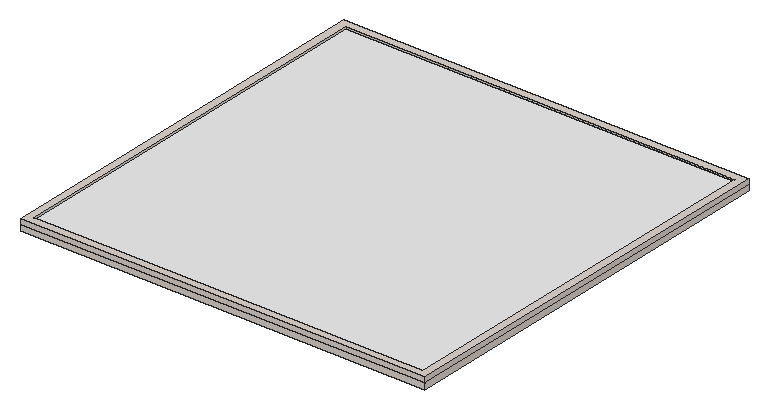
Revit family "SKY LED FLAT PANEL", category Lighting Fixtures, host Face, Revit 2020 (continued)
Types (13): name | Wattage | WATTS | built-in parameter 1150134 | Replaces/Equiv.(MH) | Photometric Web File | Order number | built-in parameter 1150142 | Model | built-in parameter 1150105 | Lumens | built-in parameter 1150107 | built-in parameter 1150106 | Fixture Width | Fixture Length | Default Elevation | Apparent Load
    1271.60  \r\n 1269.55  1267.29  1263.45  1261.00  1256.58  1250.15  1244.19  1238.70  1231.27  1223.49  \r\n 1214.83  1206.78  1197.39  1189.31  1180.14  1169.02  1157.59  1147.81  1134.24  1121.23  \r\n 1109.11  1097.96  1084.25  1069.07  1055.27  1041.49  1027.33  1011.14  995.27   980.28   \r\n 963.34   947.33   930.93   913.42   896.75   879.38   860.42   842.78   824.76   806.37   \r\n 787.76   768.70   748.94   729.37   710.72   690.14   669.43   648.85   628.69   608.52   \r\n 587.47   566.01   545.11   524.02   503.14   480.42   459.73   436.93   416.40   393.86   \r\n 372.49   350.64   329.48   307.99   286.47   265.48   243.96   224.32   203.67   184.04   \r\n 164.80   145.96   127.12   108.71   91.38    74.56    58.66    43.40    29.40    15.82    \r\n 4.59     1.03     1.09     1.17     1.25     1.32     1.39     1.47     1.54     1.62     \r\n 1.69     1.77     1.83     1.90     1.96     2.03     2.08     2.14     2.19     2.24     \r\n 2.28     2.32     2.37     2.39     2.43     2.46     2.48     2.51     2.53     2.55     \r\n 2.57     2.58     2.59     2.61     2.61     2.62     2.63     2.63     2.64     2.64     \r\n 2.64     2.65     2.65     2.65     2.65     2.65     2.65     2.65     2.65     2.65     \r\n 2.65     2.63     2.62     2.62     2.61     2.61     2.62     2.62     2.63     2.63     \r\n 2.64     2.65     2.65     2.67     2.69     2.70     2.72     2.73     2.75     2.77     \r\n 2.79     2.81     2.83     2.85     2.88     2.89     2.91     2.93     2.94     2.96     \r\n 2.98     3.00     3.01     3.03     3.04     3.06     3.07     3.08     3.10     3.10     \r\n 3.11     \r\n1275.29  1277.94  1277.97  1278.03  1279.65  1277.22  1277.45  1275.87  1275.29  1271.33  \r\n 1269.54  1267.76  1263.37  1258.03  1254.58  1249.26  1243.73  1237.11  1228.98  1223.25  \r\n 1214.31  1205.71  1197.29  1188.54  1175.65  1166.34  1155.23  1143.40  1132.00  1119.34  \r\n 1106.51  1093.30  1081.10  1065.20  1051.04  1037.36  1023.51  1007.37  992.25   976.54   \r\n 958.65   944.27   926.75   910.42   893.76   875.54   858.05   840.65   821.78   803.08   \r\n 784.69   765.26   746.87   727.36   707.43   687.69   667.53   646.80   627.33   606.35   \r\n 585.65   564.70   543.04   521.65   501.35   479.17   458.03   435.92   414.50   393.26   \r\n 371.28   349.47   328.22   307.17   285.24   264.69   243.99   223.55   203.20   183.36   \r\n 163.90   144.96   126.47   108.44   90.88    74.47    58.66    43.95    29.78    16.60    \r\n 4.81     1.03     1.08     1.16     1.24     1.32     1.40     1.48     1.55     1.63     \r\n 1.69     1.76     1.84     1.90     1.97     2.03     2.09     2.15     2.19     2.24     \r\n 2.30     2.34     2.38     2.42     2.46     2.49     2.52     2.55     2.57     2.60     \r\n 2.62     2.63     2.65     2.66     2.67     2.68     2.68     2.70     2.70     2.71     \r\n 2.71     2.72     2.72     2.73     2.72     2.72     2.70     2.68     2.67     2.67     \r\n 2.68     2.69     2.70     2.71     2.71     2.70     2.69     2.69     2.69     2.69     \r\n 2.70     2.70     2.70     2.71     2.71     2.72     2.74     2.74     2.76     2.77     \r\n 2.79     2.81     2.83     2.84     2.86     2.88     2.90     2.91     2.93     2.95     \r\n 2.97     2.99     3.00     3.02     3.04     3.05     3.07     3.08     3.10     3.10     \r\n 3.11     \r\n1275.29  1276.07  1275.99  1276.33  1276.52  1278.01  1276.33  1276.41  1274.01  1271.41  \r\n 1269.38  1265.09  1261.37  1257.67  1252.08  1245.05  1240.24  1233.34  1225.42  1218.26  \r\n 1210.73  1202.11  1192.32  1181.79  1171.32  1161.44  1151.17  1139.02  1128.13  1116.14  \r\n 1102.80  1090.55  1076.56  1064.02  1049.92  1034.20  1020.36  1005.05  990.94   973.92   \r\n 959.62   943.55   926.47   909.75   892.56   876.11   857.96   840.02   821.31   803.72   \r\n 783.94   765.81   747.54   726.33   708.52   687.64   668.16   648.18   627.78   606.72   \r\n 585.89   565.11   544.43   523.71   502.91   479.69   459.53   437.21   416.11   394.29   \r\n 373.42   351.55   330.35   308.71   287.41   266.87   245.41   225.95   205.48   185.66   \r\n 166.34   147.51   128.69   110.52   93.23    76.40    60.54    45.19    31.25    17.80    \r\n 6.11     1.04     1.09     1.17     1.24     1.32     1.40     1.47     1.54     1.61     \r\n 1.68     1.75     1.82     1.89     1.95     2.02     2.07     2.13     2.18     2.23     \r\n 2.28     2.32     2.36     2.40     2.44     2.48     2.52     2.55     2.58     2.61     \r\n 2.63     2.65     2.67     2.69     2.70     2.71     2.73     2.74     2.74     2.75     \r\n 2.76     2.77     2.78     2.79     2.80     2.80     2.81     2.81     2.82     2.83     \r\n 2.84     2.85     2.86     2.87     2.87     2.88     2.87     2.87     2.86     2.85     \r\n 2.85     2.85     2.85     2.85     2.86     2.86     2.86     2.87     2.87     2.88     \r\n 2.88     2.89     2.90     2.91     2.92     2.93     2.94     2.95     2.96     2.97     \r\n 2.98     2.99     3.00     3.01     3.02     3.03     3.04     3.05     3.06     3.07     \r\n 3.11     \r\n1275.29  1275.28  1276.63  1275.23  1275.77  1274.92  1273.88  1271.01  1270.05  1266.46  \r\n 1263.62  1258.81  1257.60  1249.92  1247.28  1239.68  1235.36  1225.92  1220.65  1212.99  \r\n 1203.46  1195.61  1185.02  1174.82  1164.51  1154.75  1144.36  1131.16  1120.16  1108.41  \r\n 1096.78  1082.60  1071.34  1056.78  1043.64  1028.48  1015.14  1000.09  984.17   968.01   \r\n 952.74   937.91   920.70   903.98   887.48   869.99   853.18   836.18   816.29   798.35   \r\n 779.93   760.42   743.21   722.64   703.74   683.23   663.43   643.33   623.20   602.79   \r\n 582.05   560.90   541.05   518.72   498.52   477.30   454.83   433.65   412.29   390.70   \r\n 369.27   348.09   326.63   305.77   284.20   263.65   242.69   222.69   202.39   183.08   \r\n 163.43   144.71   126.26   108.51   90.77    74.31    58.46    43.67    29.41    15.87    \r\n 5.26     1.05     1.10     1.18     1.26     1.34     1.41     1.49     1.55     1.63     \r\n 1.69     1.76     1.83     1.90     1.96     2.03     2.09     2.14     2.20     2.25     \r\n 2.30     2.34     2.39     2.43     2.47     2.50     2.54     2.56     2.60     2.63     \r\n 2.65     2.68     2.70     2.72     2.74     2.75     2.77     2.78     2.80     2.81     \r\n 2.83     2.84     2.86     2.87     2.88     2.90     2.91     2.92     2.93     2.94     \r\n 2.96     2.97     2.98     2.99     3.00     3.01     3.01     3.02     3.02     3.02     \r\n 3.02     3.02     3.01     3.01     3.01     3.01     3.01     3.01     3.01     3.01     \r\n 3.02     3.02     3.02     3.02     3.02     3.03     3.03     3.03     3.03     3.03     \r\n 3.04     3.04     3.04     3.04     3.04     3.04     3.05     3.05     3.06     3.06     \r\n 3.11     \r\n1275.29  1274.60  1276.07  1275.59  1273.99  1271.64  1271.97  1269.83  1265.95  1265.31  \r\n 1260.83  1256.13  1253.86  1247.67  1243.47  1237.07  1231.13  1223.44  1216.76  1208.30  \r\n 1200.92  1192.88  1181.88  1172.87  1163.10  1151.63  1141.93  1129.49  1117.41  1107.03  \r\n 1094.06  1081.63  1068.25  1055.43  1042.12  1026.84  1012.60  999.51   982.51   968.31   \r\n 952.49   937.17   919.63   904.10   887.11   869.93   852.74   835.57   817.72   800.10   \r\n 780.95   762.82   743.67   723.62   705.10   685.24   665.25   645.38   625.50   603.88   \r\n 584.45   562.84   542.11   522.07   500.76   478.92   457.98   436.08   415.27   393.32   \r\n 371.81   350.51   329.57   308.39   287.12   266.75   245.68   225.40   205.54   185.51   \r\n 166.56   147.90   129.26   110.96   93.78    76.88    60.96    45.48    31.27    17.55    \r\n 6.59     1.15     1.08     1.17     1.25     1.33     1.41     1.47     1.54     1.61     \r\n 1.67     1.74     1.81     1.88     1.94     2.01     2.08     2.14     2.20     2.25     \r\n 2.31     2.36     2.41     2.45     2.49     2.53     2.57     2.60     2.63     2.66     \r\n 2.69     2.71     2.74     2.76     2.78     2.80     2.82     2.84     2.86     2.88     \r\n 2.90     2.91     2.93     2.95     2.96     2.99     3.01     3.03     3.04     3.06     \r\n 3.08     3.11     3.12     3.14     3.15     3.16     3.17     3.17     3.18     3.19     \r\n 3.19     3.20     3.20     3.20     3.19     3.19     3.18     3.18     3.17     3.17     \r\n 3.17     3.16     3.16     3.15     3.15     3.14     3.14     3.14     3.14     3.13     \r\n 3.13     3.14     3.13     3.13     3.12     3.12     3.12     3.12     3.12     3.11     \r\n 3.11     \r\n1275.29  1274.84  1274.56  1273.57  1271.64  1270.90  1268.99  1267.29  1262.93  1261.34  \r\n 1257.53  1253.74  1246.98  1242.84  1237.43  1231.12  1224.13  1218.33  1210.93  1203.01  \r\n 1196.55  1185.17  1177.30  1167.06  1157.93  1147.19  1137.88  1125.03  1114.03  1102.23  \r\n 1088.97  1076.56  1064.25  1050.16  1038.54  1023.40  1008.32  993.76   979.13   963.21   \r\n 948.27   933.09   917.43   900.67   882.48   865.74   848.48   831.94   812.84   795.47   \r\n 776.86   758.24   738.86   720.16   700.84   681.33   661.39   641.72   621.47   600.95   \r\n 580.93   559.91   539.79   518.51   498.05   476.16   455.05   433.43   412.27   391.58   \r\n 369.84   348.42   326.78   305.75   284.54   264.37   243.38   223.44   203.19   183.91   \r\n 164.41   145.70   127.03   109.41   91.67    75.29    59.94    44.60    29.86    16.55    \r\n 5.35     1.12     1.09     1.17     1.25     1.33     1.40     1.46     1.53     1.59     \r\n 1.66     1.73     1.80     1.87     1.93     2.00     2.07     2.14     2.20     2.27     \r\n 2.32     2.38     2.42     2.47     2.51     2.56     2.59     2.63     2.66     2.69     \r\n 2.72     2.74     2.76     2.79     2.81     2.83     2.85     2.87     2.89     2.91     \r\n 2.93     2.95     2.97     2.99     3.02     3.04     3.06     3.08     3.11     3.14     \r\n 3.16     3.19     3.21     3.23     3.25     3.27     3.29     3.30     3.31     3.32     \r\n 3.33     3.34     3.34     3.35     3.35     3.35     3.34     3.33     3.33     3.32     \r\n 3.32     3.31     3.31     3.30     3.30     3.29     3.29     3.29     3.28     3.27     \r\n 3.26     3.26     3.25     3.24     3.23     3.23     3.22     3.21     3.20     3.20     \r\n 3.11     \r\n1275.29  1275.82  1274.58  1272.67  1270.22  1268.20  1265.86  1264.81  1262.86  1258.23  \r\n 1254.82  1248.87  1245.96  1241.31  1235.61  1229.24  1222.88  1216.73  1208.13  1200.62  \r\n 1192.85  1183.68  1176.11  1166.63  1156.23  1145.93  1136.01  1123.69  1113.74  1101.41  \r\n 1090.02  1076.98  1064.18  1051.97  1038.83  1024.48  1009.62  995.67   979.56   965.78   \r\n 950.20   933.46   918.20   901.02   884.63   868.13   851.07   832.49   814.88   797.07   \r\n 778.76   760.40   741.29   722.86   703.86   684.40   665.02   644.23   623.87   603.54   \r\n 583.41   562.41   541.81   520.84   500.13   478.07   457.17   435.91   415.00   393.30   \r\n 372.31   350.64   329.48   308.47   286.95   266.83   245.98   226.20   206.18   186.82   \r\n 167.37   148.77   130.17   112.05   94.85    77.99    62.07    46.56    32.05    18.28    \r\n 6.46     1.24     1.06     1.15     1.23     1.30     1.37     1.43     1.49     1.56     \r\n 1.63     1.70     1.77     1.83     1.90     1.96     2.03     2.09     2.16     2.22     \r\n 2.28     2.34     2.40     2.46     2.50     2.55     2.59     2.63     2.66     2.70     \r\n 2.73     2.76     2.79     2.81     2.83     2.85     2.87     2.89     2.91     2.93     \r\n 2.95     2.96     2.98     3.00     3.02     3.04     3.06     3.08     3.10     3.13     \r\n 3.15     3.18     3.21     3.24     3.27     3.29     3.32     3.35     3.37     3.40     \r\n 3.41     3.43     3.44     3.45     3.46     3.47     3.47     3.48     3.47     3.47     \r\n 3.46     3.45     3.45     3.44     3.43     3.42     3.41     3.41     3.39     3.39     \r\n 3.37     3.37     3.36     3.35     3.34     3.33     3.33     3.32     3.31     3.30     \r\n 3.11     \r\n1275.29  1275.85  1273.60  1273.92  1271.45  1269.30  1267.72  1264.78  1260.48  1258.94  \r\n 1255.04  1248.72  1243.43  1238.44  1233.19  1227.41  1221.24  1213.36  1205.45  1197.53  \r\n 1190.67  1180.48  1172.39  1163.27  1153.47  1143.20  1132.81  1123.24  1111.89  1098.76  \r\n 1086.55  1074.03  1063.23  1049.99  1035.55  1022.18  1008.78  993.92   978.67   963.77   \r\n 947.64   933.59   916.92   900.16   882.95   866.61   848.80   832.33   813.55   795.46   \r\n 778.38   759.54   740.59   721.00   702.56   683.12   662.63   642.65   622.33   601.27   \r\n 581.23   560.23   540.48   519.03   497.54   476.70   455.20   433.43   412.30   391.44   \r\n 369.47   348.84   327.00   306.68   285.58   264.88   244.14   224.46   204.42   185.08   \r\n 165.74   146.97   128.57   111.09   93.34    76.98    61.54    46.11    31.11    17.08    \r\n 5.17     1.15     1.07     1.15     1.22     1.28     1.34     1.42     1.49     1.56     \r\n 1.63     1.70     1.76     1.84     1.90     1.97     2.03     2.09     2.15     2.21     \r\n 2.27     2.33     2.38     2.44     2.49     2.54     2.59     2.63     2.67     2.70     \r\n 2.73     2.76     2.79     2.81     2.84     2.86     2.89     2.91     2.93     2.95     \r\n 2.96     2.97     2.99     3.00     3.02     3.04     3.06     3.08     3.10     3.12     \r\n 3.14     3.16     3.19     3.21     3.24     3.27     3.30     3.33     3.36     3.38     \r\n 3.41     3.43     3.45     3.47     3.49     3.50     3.51     3.52     3.52     3.52     \r\n 3.52     3.53     3.52     3.52     3.52     3.52     3.52     3.51     3.51     3.51     \r\n 3.51     3.50     3.50     3.49     3.49     3.48     3.48     3.47     3.46     3.45     \r\n 3.11     \r\n1275.29  1274.98  1274.11  1271.86  1272.54  1268.48  1266.64  1265.44  1262.38  1257.56  \r\n 1252.85  1247.18  1243.96  1238.26  1232.19  1227.21  1219.62  1212.91  1205.21  1198.02  \r\n 1189.50  1181.29  1171.65  1162.89  1153.04  1143.04  1133.63  1122.58  1110.39  1099.27  \r\n 1087.48  1075.61  1064.09  1050.23  1037.92  1023.93  1009.73  995.29   980.85   967.24   \r\n 950.21   935.65   919.27   902.89   887.93   870.95   853.89   835.40   819.11   800.27   \r\n 781.18   763.25   745.00   725.54   705.88   686.90   667.08   646.96   626.98   605.82   \r\n 585.89   565.19   544.17   523.03   502.22   480.43   459.99   438.28   417.82   395.12   \r\n 373.83   353.30   331.68   310.99   289.51   269.46   248.40   228.67   208.28   188.69   \r\n 169.54   151.01   132.48   114.27   97.15    80.30    64.32    48.52    33.60    18.75    \r\n 6.32     1.24     1.04     1.11     1.17     1.25     1.32     1.40     1.47     1.54     \r\n 1.61     1.68     1.75     1.82     1.88     1.95     2.01     2.07     2.13     2.20     \r\n 2.25     2.31     2.37     2.42     2.48     2.53     2.57     2.62     2.66     2.69     \r\n 2.72     2.75     2.78     2.80     2.83     2.85     2.87     2.89     2.91     2.94     \r\n 2.96     2.98     3.00     3.02     3.04     3.05     3.07     3.09     3.10     3.12     \r\n 3.14     3.16     3.18     3.20     3.23     3.25     3.27     3.30     3.33     3.36     \r\n 3.39     3.42     3.45     3.47     3.49     3.50     3.52     3.53     3.54     3.55     \r\n 3.55     3.55     3.54     3.54     3.53     3.53     3.53     3.53     3.52     3.52     \r\n 3.52     3.52     3.51     3.52     3.52     3.52     3.52     3.52     3.52     3.53     \r\n 3.11     \r\n1275.29  1276.02  1274.75  1272.91  1272.02  1269.95  1267.37  1266.05  1261.20  1255.97  \r\n 1253.58  1248.53  1244.73  1238.81  1232.52  1226.38  1221.04  1213.15  1205.42  1198.12  \r\n 1191.04  1180.52  1171.51  1162.64  1152.94  1142.49  1131.45  1121.51  1111.48  1098.21  \r\n 1086.67  1075.56  1062.46  1050.65  1036.14  1022.13  1007.49  993.78   980.37   964.78   \r\n 949.24   934.37   918.75   903.33   884.85   868.37   851.66   833.78   816.67   799.26   \r\n 779.75   762.99   743.06   724.52   705.42   685.35   665.80   646.01   625.95   605.82   \r\n 586.08   565.04   543.54   522.37   502.36   480.61   459.39   438.15   416.49   395.54   \r\n 373.73   352.85   331.18   310.07   288.87   268.21   247.39   227.30   207.34   187.86   \r\n 168.45   149.21   130.84   113.00   95.37    78.79    63.08    47.37    31.91    17.12    \r\n 4.92     1.10     1.03     1.10     1.17     1.25     1.32     1.40     1.47   
